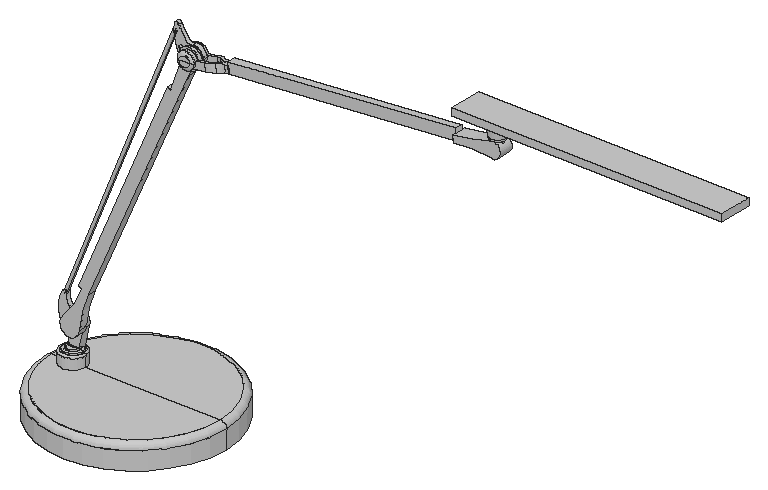
Revit family "Human_Solution-UPLIFT_Desk_MOUNT BASE", category Lighting Fixtures, Revit 2019
Family settings
  Round Connector Dimension = Use Diameter
  Part Type = Normal
  OmniClass Number = 23.40.20.00
  OmniClass Title = General Furniture and Specialties
  Work Plane-Based = No
  Always vertical = Yes
  Cut with Voids When Loaded = No
  Light Source = No
  Shared = No
  Room Calculation Point = No
Parameters (values of type "Desk Base for E7 LED Desk Lamp")
  Voltage = 120 V
  Unit = HMS - Aluminum
  Width = 13 9/16"
  URL = "https://www.thehumansolution.com/"
  Type Comments = "Lighting"  # constant formula
  Salvage or Reuse = yes
  Percentage of Recycled Content = 0
  Model = "LTG001 with LTG002-DESK MOUNT BASE"
  Material = ""
  Manufacturer = "Human Solution"  # constant formula
  Low Emitting Material = yes
  Low Emitting Finish = yes
  Keynote = "12500"
  Height = 20"
  Description = "Desk Base for E7 LED Desk Lamp  13.5\"W 1 11/16\"D 20\"H"
  Depth = 1 11/16"
  Assembly Code = "E2020200"
Reference planes (in)
  plane 1 "Center Front/Back": y = 0
  plane 2: z = 0
  plane 3 "Center Left/Right": x = 0
  plane 4: y = 0.84375
  plane 5: y = -0.84375
  plane 6: x = -6.78125
  plane 7: x = 6.78125
  plane 8: x = 21.1174
  plane 9: z = 26
  plane 10: z = 46
Forms (in)
  Revolve 1, solid, material "HMS - Aluminum" <- "Unit"
    sketch origin (21.24172, 0, 45.90234) x (-1, 0, 0) y (0, 0, -1)
      loop
        line (5.28125, 0.33426) -> (5.28125, 1.33426) -> (5.03125, 1.33426) -> (5.03125, 1.10951) -> (4.88893, 1.10951) -> (4.88004, 1.01276) -> (4.79673, 0.33426) -> (5.28125, 0.33426)
      axis (5.28125, 1.33426) -> (5.28125, 0.33426)
    angle from 0 to 360
  Extrusion 2, solid, material "HMS - Aluminum" <- "Unit"
    sketch origin (21.24172, 0, 45.90234) x (-1, 0, 0) y (0, 0, -1)
      loop
        arc (7.22686, 1.885) -> (6.28554, 1.85243) -> (5.34725, 1.93454) r 7.73328
        arc (5.34725, 1.93454) -> (4.88841, 1.50446) -> (5.41239, 1.15668) r 0.40101
        arc (5.41239, 1.15668) -> (6.32408, 1.39727) -> (7.25731, 1.53199) r 8.22961
        line (7.25731, 1.53199) -> (7.22686, 1.885)
    from -0.34949 to 0.35067
  Extrusion 3, solid, material "HMS - Aluminum" <- "Unit"
    sketch origin (21.24172, 0, 45.90234) x (-1, 0, 0) y (0, 0, -1)
      loop
        line (18.64878, 2.331) -> (18.60074, 2.88009) -> (7.22686, 1.885) -> (7.2749, 1.33592) -> (18.64878, 2.331)
    from -0.19635 to 0.19635
  Extrusion 4, solid, material "HMS - Aluminum" <- "Unit"
    sketch origin (20.5626, 0, 48.7813) x (-0.987688, 0, -0.156434) y (0, 1, 0)
      loop
        line (18.60074, 0.19635) -> (18.60074, -0.19635) -> (18.80994, -0.19635)
        arc (18.80994, -0.19635) -> (18.98349, -0.21887) -> (19.14555, -0.28495) r 0.67995
        arc (19.14555, -0.28495) -> (19.3662, -0.37492) -> (19.60251, -0.40558) r 0.92581
        line (19.60251, -0.40558) -> (20.68427, -0.40558) -> (20.68427, 0.40695) -> (19.58746, 0.40695)
        arc (19.58746, 0.40695) -> (19.34799, 0.37479) -> (19.12548, 0.2806) r 0.90774
        arc (19.12548, 0.2806) -> (18.97713, 0.21779) -> (18.81747, 0.19635) r 0.60521
        line (18.81747, 0.19635) -> (18.60074, 0.19635)
      loop
        line (18.62991, 0.03298) -> (18.62991, -0.03158) -> (18.85912, -0.03158)
        arc (18.85912, -0.03158) -> (19.06895, -0.09516) -> (19.26715, -0.18893) r 1.4858
        arc (19.26715, -0.18893) -> (19.44006, -0.25937) -> (19.62521, -0.28337) r 0.726
        line (19.62521, -0.28337) -> (20.62454, -0.28337) -> (20.62454, 0.25931) -> (19.52911, 0.25931)
        arc (19.52911, 0.25931) -> (19.36451, 0.23144) -> (19.21826, 0.15094) r 0.5
        arc (19.21826, 0.15094) -> (19.05907, 0.06332) -> (18.87991, 0.03298) r 0.54425
        line (18.87991, 0.03298) -> (18.62991, 0.03298)
    from 2.51759 to 2.87507
  Revolve 5, solid, material "HMS - Aluminum" <- "Unit"
    sketch origin (21.24172, 0, 43.02734) x (0, 1, 0) y (-1, 0, 0)
      loop
        line (0.52506, 20.56739) -> (-0.52369, 20.56739) -> (-0.52369, 20.30063)
        arc (-0.52369, 20.30063) -> (-0.49604, 20.2149) -> (-0.43563, 20.1481) r 0.21444
        line (-0.43563, 20.1481) -> (-0.25795, 20.1481) -> (-0.25795, 20.05313) -> (-0.10199, 20.05313) -> (-0.10199, 20.09396) -> (0.03543, 20.09396) -> (0.03543, 20.05893) -> (0.24726, 20.05893) -> (0.24726, 20.12458) -> (0.40695, 20.12458)
        arc (0.40695, 20.12458) -> (0.4834, 20.19674) -> (0.52506, 20.29326) r 0.26022
        line (0.52506, 20.29326) -> (0.52506, 20.56739)
      axis (0.52506, 20.56739) -> (-0.52369, 20.56739)
    angle from 0 to 360
  Extrusion 6, solid, material "HMS - Aluminum" <- "Unit"
    sketch origin (21.24172, 0, 45.90234) x (-1, 0, 0) y (0, 0, -1)
      loop
        line (25.63072, 15.25619) -> (20.63792, 3.67936)
        arc (20.63792, 3.67936) -> (20.40433, 3.33519) -> (20.06017, 3.1016) r 1.10632
        line (20.06017, 3.1016) -> (21.09938, 2.48034)
        arc (21.09938, 2.48034) -> (21.01122, 2.98034) -> (21.09938, 3.48034) r 1.4619
        line (21.09938, 3.48034) -> (21.50225, 4.58721) -> (21.6629, 4.51793) -> (26.13136, 15.04027) -> (25.95609, 15.11586)
        arc (25.95609, 15.11586) -> (26.36642, 15.93556) -> (26.92485, 16.66248) r 4.80805
        arc (26.92485, 16.66248) -> (26.76976, 17.43376) -> (26.08922, 17.03905) r 0.48395
        arc (26.08922, 17.03905) -> (25.9294, 16.12977) -> (25.63072, 15.25619) r 5.94479
    from -0.19635 to 0.19499
  Extrusion 7, solid, material "HMS - Aluminum" <- "Unit"
    sketch origin (21.24172, 0, 45.90234) x (-1, 0, 0) y (0, 0, -1)
      loop
        arc (20.56739, 2.36075) -> (20.97189, 2.05503) -> (21.2211, 1.61347) r 1.24598
        arc (21.2211, 1.61347) -> (21.32031, 1.54556) -> (21.41046, 1.62512) r 0.09784
        arc (21.41046, 1.62512) -> (21.38814, 2.36801) -> (21.05669, 3.03324) r 1.73306
        arc (21.05669, 3.03324) -> (20.98322, 2.57244) -> (20.56739, 2.36075) r 0.51425
    from -0.09843 to 0.09459
  Revolve 8, solid, material "HMS - Aluminum" <- "Unit"
    sketch origin (21.24172, 0, 45.90234) x (-1, 0, 0) y (0, 0, -1)
      loop
        line (21.35982, 1.76775) -> (21.4335, 1.73818) -> (27.01977, 15.65916) -> (26.9461, 15.68873) -> (21.35982, 1.76775)
      axis (21.35982, 1.76775) -> (26.9461, 15.68873)
    angle from 0 to 360
  Extrusion 9, solid, material "HMS - Aluminum" <- "Unit"
    sketch origin (21.24172, 0, 45.90234) x (-1, 0, 0) y (0, 0, -1)
      loop
        arc (26.80194, 15.62579) -> (26.88534, 15.51252) -> (27.01534, 15.56625) r 0.11412
        arc (27.01534, 15.56625) -> (27.22004, 16.30842) -> (27.05024, 17.05934) r 1.58229
        arc (27.05024, 17.05934) -> (26.80399, 16.68793) -> (26.40931, 16.48101) r 0.89636
        arc (26.40931, 16.48101) -> (26.70568, 16.09934) -> (26.80194, 15.62579) r 1.06044
    from -0.09843 to 0.09843
  Extrusion 10, solid, material "HMS - Aluminum" <- "Unit"
    sketch origin (21.24172, 0, 45.90234) x (-1, 0, 0) y (0, 0, -1)
      loop
        line (26.76548, 18.03914) -> (26.33148, 18.03914)
        arc (26.33148, 18.03914) -> (26.23201, 17.54154) -> (26.09371, 17.05331) r 6.44705
        arc (26.09371, 17.05331) -> (26.58588, 16.39849) -> (27.03286, 17.08494) r 0.5
        arc (27.03286, 17.08494) -> (26.87301, 17.55471) -> (26.76548, 18.03914) r 4.53242
    from -0.41339 to -0.05906
  Revolve 11, solid, material "HMS - Aluminum" <- "Unit"
    sketch origin (21.24172, 0, 45.90234) x (-1, 0, 0) y (0, 0, -1)
      loop
        line (26.55989, 18.68187) -> (25.92947, 18.68187) -> (25.92947, 18.16934)
        arc (25.92947, 18.16934) -> (25.95202, 18.11489) -> (26.00648, 18.09233) r 0.07701
        line (26.00648, 18.09233) -> (26.09339, 18.09233) -> (26.09339, 18.04757) -> (26.18954, 18.01257) -> (26.25122, 18.01257) -> (26.25122, 17.9732) -> (26.55989, 17.9732) -> (26.55989, 18.68187)
      axis (26.55989, 17.9732) -> (26.55989, 18.68187)
    angle from 0 to 360
  Revolve 12, solid, material "HMS - Aluminum" <- "Unit"
    sketch origin (21.24172, 0, 45.90234) x (-1, 0, 0) y (0, 0, -1)
      loop
        line (23.41029, 19.90234) -> (18.87904, 19.90234) -> (18.87904, 18.99351)
        arc (18.87904, 18.99351) -> (18.97031, 18.77314) -> (19.19068, 18.68187) r 0.31164
        line (19.19068, 18.68187) -> (23.41029, 18.68187) -> (23.41029, 19.90234)
      axis (23.41029, 18.68187) -> (23.41029, 19.90234)
    angle from 0 to 360
  Extrusion 13, solid, material "HMS - Aluminum" <- "Unit"
    sketch origin (0, 0, 25.96881) x (1, 0, 0) y (0, 1, 0)
      loop
        line (14.30019, 0.84029) -> (14.30019, -0.84029) -> (27.8036, -0.84029) -> (27.8036, 0.84029) -> (14.30019, 0.84029)
    from 19.5433 to 19.90584
Lines and regions (in)
  symbolic lines, detail levels fine
    curve 1: circle (15.98096, 0, 0) r 0.48408 normal (0, 0, 1)
    curve 2: circle (15.98542, 0, 0) r 0.40043 normal (0, 0, 1)
    curve 3: circle (15.96761, 0, 0) r 0.2499 normal (0, 0, 1)
    curve 4: line (15.64601, -0.34949, 0) -> (14.01486, -0.34949, 0)
    curve 5: line (14.01486, -0.34949, 0) -> (14.01486, 0.35067, 0)
    curve 6: line (14.01486, 0.35067, 0) -> (15.64725, 0.35067, 0)
    curve 7: line (14.01486, -0.19635, 0) -> (2.37065, -0.19635, 0)
    curve 8: line (14.01486, 0.19635, 0) -> (2.37065, 0.19635, 0)
    curve 9: circle (-2.16246, 0, 0) r 4.53735 normal (0, 0, -1)
    curve 10: line (14.30019, -0.84029, 0) -> (27.8036, -0.84029, 0)
    curve 11: line (14.30019, 0.84029, 0) -> (14.30019, -0.84029, 0)
    curve 12: line (27.8036, 0.84029, 0) -> (14.30019, 0.84029, 0)
    curve 13: line (27.8036, -0.84029, 0) -> (27.8036, 0.84029, 0)
Dimensions and locks (in)
  equal spacing: plane 4, plane 1 "Center Front/Back", plane 5
  "Depth": plane 4 to plane 5
  equal spacing: plane 6, plane 3 "Center Left/Right", plane 7
  "Width": plane 6 to plane 7
  plane 9 to level = 26"
  "Height": plane 10 to plane 9
  aligned and locked: level to plane 2
Automatic sketch dimensions
  plane 1 "Center Front/Back" to curve 9 = 0"
  plane 1 "Center Front/Back" to curve 3 = 0"
  plane 1 "Center Front/Back" to curve 1 = 0"
  plane 1 "Center Front/Back" to curve 2 = 0"
  curve 9 to plane 3 "Center Left/Right" = 2.16246"
  plane 1 "Center Front/Back" to curve 4 = 0.34949"
  curve 4 to plane 8 = 7.10254"
  plane 5 to curve 11 = 0.00346"
  curve 4 to curve 11 = 0.28533"
  curve 11 to curve 3 = 1.66742"
  curve 3 to curve 1 = 0.01335"
  curve 1 to curve 2 = 0.00445"
  curve 12 to plane 4 = 0.00346"
  plane 8 to curve 12 = 6.6862"
  curve 5 to plane 1 "Center Front/Back" = 0.35067"
  plane 1 "Center Front/Back" to curve 7 = 0.19635"
  plane 3 "Center Left/Right" to curve 7 = 2.37065"
  curve 8 to plane 1 "Center Front/Back" = 0.19635"
  curve 4 to curve 3 = 0.3216"
  Revolve 1 sketch curve to plane 10 = 0.43192"
  Revolve 1 sketch curve to plane 8 = 4.67241"
  Revolve 1 sketch curve to plane 10 = 1.11043"
  Revolve 1 sketch curve to Revolve 1 sketch curve = 0.08331"
  Revolve 1 sketch curve to plane 10 = 1.20718"
  Revolve 1 sketch curve to Revolve 1 sketch curve = 0.00889"
  Revolve 1 sketch curve to Revolve 1 sketch curve = 0.14232"
  Revolve 1 sketch curve to Revolve 1 sketch curve = 1/4"  (x2)
  Revolve 1 sketch curve to Revolve 1 sketch curve = 0.22474"
  Revolve 1 sketch curve to Revolve 1 sketch curve = 0.2816"
  Revolve 1 sketch curve to Revolve 1 sketch curve = 0.30598"
  Extrusion 2 sketch curve to plane 10 = 1.63559"
  Extrusion 2 sketch curve to plane 8 = 5.1637"
  Extrusion 2 sketch curve to plane 8 = 6.36496"
  Extrusion 2 sketch curve to plane 10 = 1.98266"
  Extrusion 2 sketch curve to Extrusion 2 sketch curve = 1.93884"
  Extrusion 2 sketch curve to plane 10 = 1.62965"
  Extrusion 2 sketch curve to Extrusion 2 sketch curve = 0.03045"
  plane 7 to Extrusion 2 sketch curve = 6.49588"
  plane 10 to Extrusion 2 sketch curve = 6.56951"
  Extrusion 2 sketch curve to Extrusion 2 sketch curve = 7.69803"
  Extrusion 2 sketch curve to Extrusion 2 sketch curve = 0"
  Extrusion 3 sketch curve to plane 10 = 1.98266"
  Extrusion 3 sketch curve to plane 8 = 7.10254"
  Extrusion 3 sketch curve to plane 10 = 1 111/256"
  Extrusion 3 sketch curve to Extrusion 3 sketch curve = 0.04804"
  plane 3 "Center Left/Right" to Extrusion 3 sketch curve = 2.64098"
  Extrusion 4 sketch curve to plane 5 = 0.63771"
  Extrusion 4 sketch curve to plane 1 "Center Front/Back" = 0.19635"
  Extrusion 4 sketch curve to Extrusion 4 sketch curve = 17/256"
  plane 1 "Center Front/Back" to Extrusion 4 sketch curve = 0.03158"
  Extrusion 4 sketch curve to Extrusion 4 sketch curve = 0.02917"
  Extrusion 4 sketch curve to plane 5 = 0.03255"
  Extrusion 4 sketch curve to Extrusion 4 sketch curve = 0.27559"
  Extrusion 4 sketch curve to plane 4 = 0.04219"
  Extrusion 4 sketch curve to Extrusion 4 sketch curve = 0.21673"
  Extrusion 4 sketch curve to Extrusion 4 sketch curve = 0.04918"
  Extrusion 4 sketch curve to plane 1 "Center Front/Back" = 0.03298"
  Extrusion 4 sketch curve to Extrusion 4 sketch curve = 0.02079"
  Extrusion 4 sketch curve to plane 1 "Center Front/Back" = 0.25931"
  Extrusion 4 sketch curve to Extrusion 4 sketch curve = 0.6492"
  Extrusion 4 sketch curve to Extrusion 4 sketch curve = 0.05836"
  Extrusion 4 sketch curve to Extrusion 4 sketch curve = 0.01505"
  Extrusion 4 sketch curve to Extrusion 4 sketch curve = 0.0961"
  plane 1 "Center Front/Back" to Extrusion 4 sketch curve = 0.28337"
  Extrusion 4 sketch curve to Extrusion 4 sketch curve = 0.99934"
  Extrusion 4 sketch curve to Extrusion 4 sketch curve = 0.05973"
  Extrusion 4 sketch curve to Extrusion 4 sketch curve = 0.21742"
  Extrusion 4 sketch curve to Extrusion 4 sketch curve = 0.09521"
  Extrusion 4 sketch curve to Extrusion 4 sketch curve = 0.04269"
  Extrusion 4 sketch curve to Extrusion 4 sketch curve = 0.16477"
  Extrusion 4 sketch curve to Extrusion 4 sketch curve = 0.14764"
  Extrusion 4 sketch curve to Extrusion 4 sketch curve = 0.03567"
  Extrusion 4 sketch curve to Extrusion 4 sketch curve = 0.0776"
  Extrusion 4 sketch curve to Extrusion 4 sketch curve = 0.22432"
  plane 5 to Revolve 5 sketch curve = 0.32006"
  Revolve 5 sketch curve to Revolve 5 sketch curve = 0.08806"
  Revolve 5 sketch curve to Revolve 5 sketch curve = 0.21336"
  Revolve 5 sketch curve to Revolve 5 sketch curve = 0.17768"
  plane 1 "Center Front/Back" to Revolve 5 sketch curve = 0.10199"
  Revolve 5 sketch curve to plane 1 "Center Front/Back" = 0.03543"  (x2)
  Revolve 5 sketch curve to Revolve 5 sketch curve = 0.21183"
  Revolve 5 sketch curve to Revolve 5 sketch curve = 0.02297"
  Revolve 5 sketch curve to Revolve 5 sketch curve = 0.15969"
  Revolve 5 sketch curve to Revolve 5 sketch curve = 0.11811"
  plane 3 "Center Left/Right" to Revolve 5 sketch curve = 1.18859"
  Revolve 5 sketch curve to Revolve 5 sketch curve = 0.0058"
  Revolve 5 sketch curve to Revolve 5 sketch curve = 0.04083"
  Revolve 5 sketch curve to Revolve 5 sketch curve = 0.06565"
  Revolve 5 sketch curve to Revolve 5 sketch curve = 0.09496"
  Revolve 5 sketch curve to Revolve 5 sketch curve = 0.16868"
  Revolve 5 sketch curve to Revolve 5 sketch curve = 0.15253"
  Revolve 5 sketch curve to Revolve 5 sketch curve = 0.27413"
  Revolve 5 sketch curve to Revolve 5 sketch curve = 0.0206"
  Revolve 5 sketch curve to Revolve 5 sketch curve = 0.22139"
  plane 3 "Center Left/Right" to Extrusion 6 sketch curve = 1.61968"
  Extrusion 6 sketch curve to Extrusion 6 sketch curve = 0.43812"
  plane 3 "Center Left/Right" to Extrusion 6 sketch curve = 1.06977"
  plane 3 "Center Left/Right" to Extrusion 6 sketch curve = 0.60381"
  plane 3 "Center Left/Right" to Extrusion 6 sketch curve = 0.14234"  (x2)
  Extrusion 6 sketch curve to plane 3 "Center Left/Right" = 0.26053"
  Extrusion 6 sketch curve to Extrusion 6 sketch curve = 0.16065"
  Extrusion 6 sketch curve to plane 3 "Center Left/Right" = 1.2314"
  plane 6 to Extrusion 6 sketch curve = 2.39225"
  Extrusion 6 sketch curve to Extrusion 6 sketch curve = 0.32537"
  Extrusion 6 sketch curve to Extrusion 6 sketch curve = 0.17528"
  plane 6 to Extrusion 6 sketch curve = 1.45204"
  Extrusion 6 sketch curve to plane 6 = 2.41813"
  Extrusion 6 sketch curve to plane 10 = 2.578"
  Extrusion 6 sketch curve to Extrusion 6 sketch curve = 1/2"
  Extrusion 6 sketch curve to Extrusion 6 sketch curve = 0.37874"
  Extrusion 6 sketch curve to Extrusion 6 sketch curve = 0.19902"
  Extrusion 6 sketch curve to Extrusion 6 sketch curve = 1.03759"
  Extrusion 6 sketch curve to Extrusion 6 sketch curve = 0.06928"
  plane 9 to Extrusion 6 sketch curve = 6.51908"
  Extrusion 6 sketch curve to Extrusion 6 sketch curve = 1.65702"
  Extrusion 6 sketch curve to Extrusion 6 sketch curve = 0.07559"
  Extrusion 6 sketch curve to Extrusion 6 sketch curve = 0.14032"
  Extrusion 6 sketch curve to Extrusion 6 sketch curve = 1.73635"
  plane 9 to Extrusion 6 sketch curve = 2.29192"
  Extrusion 6 sketch curve to Extrusion 6 sketch curve = 0"
  plane 3 "Center Left/Right" to Extrusion 7 sketch curve = 1.53441"
  Extrusion 7 sketch curve to Extrusion 7 sketch curve = 0.32679"
  plane 3 "Center Left/Right" to Extrusion 7 sketch curve = 0.67434"
  Extrusion 7 sketch curve to plane 3 "Center Left/Right" = 0.07258"
  Extrusion 7 sketch curve to plane 10 = 1.33232"
  Extrusion 7 sketch curve to Extrusion 7 sketch curve = 0.40856"
  Extrusion 7 sketch curve to Extrusion 7 sketch curve = 0.71108"
  Extrusion 7 sketch curve to Extrusion 7 sketch curve = 0.92927"
  plane 3 "Center Left/Right" to Extrusion 7 sketch curve = 0.18503"
  plane 3 "Center Left/Right" to Extrusion 7 sketch curve = 0.02062"
  Extrusion 7 sketch curve to Extrusion 7 sketch curve = 0"
  Revolve 8 sketch curve to plane 3 "Center Left/Right" = 0.1181"
  Revolve 8 sketch curve to Revolve 8 sketch curve = 0.07368"
  plane 6 to Revolve 8 sketch curve = 1.07688"
  Revolve 8 sketch curve to plane 10 = 1.83585"
  Revolve 8 sketch curve to Revolve 8 sketch curve = 0.02957"
  Revolve 8 sketch curve to plane 3 "Center Left/Right" = 0.2112"
  Revolve 8 sketch curve to Revolve 8 sketch curve = 0.07994"
  Revolve 8 sketch curve to Revolve 8 sketch curve = 0.23202"
  Revolve 8 sketch curve to Revolve 8 sketch curve = 51/256"
  plane 6 to Extrusion 9 sketch curve = 2.38479"
  Extrusion 9 sketch curve to Extrusion 9 sketch curve = 0.10377"
  Extrusion 9 sketch curve to Extrusion 9 sketch curve = 0.56531"
  plane 6 to Extrusion 9 sketch curve = 1.10696"
  plane 9 to Extrusion 9 sketch curve = 4.27989"
  Extrusion 9 sketch curve to Extrusion 9 sketch curve = 0.03444"
  Extrusion 9 sketch curve to Extrusion 9 sketch curve = 0.68851"
  Extrusion 9 sketch curve to Extrusion 9 sketch curve = 1.00802"
  Extrusion 9 sketch curve to Extrusion 9 sketch curve = 0.77113"
  Extrusion 9 sketch curve to Extrusion 9 sketch curve = 0.11407"
  Extrusion 9 sketch curve to Extrusion 9 sketch curve = 0"  (x2)
  plane 3 "Center Left/Right" to Extrusion 10 sketch curve = 1.27705"
  plane 6 to Extrusion 10 sketch curve = 1.6915"
  Extrusion 10 sketch curve to Extrusion 10 sketch curve = 0.23756"
  Extrusion 10 sketch curve to Extrusion 10 sketch curve = 0.434"
  plane 9 to Extrusion 10 sketch curve = 1.12465"
  Extrusion 10 sketch curve to plane 6 = 3.21434"
  plane 9 to Extrusion 10 sketch curve = 1.8632"
  Extrusion 10 sketch curve to Extrusion 10 sketch curve = 1.14093"
  plane 9 to Extrusion 10 sketch curve = 0.84918"
  Extrusion 10 sketch curve to Extrusion 10 sketch curve = 0"
  plane 6 to Revolve 11 sketch curve = 2.09351"
  Revolve 11 sketch curve to Revolve 11 sketch curve = 0.07701"
  Revolve 11 sketch curve to Revolve 11 sketch curve = 0.08691"
  Revolve 11 sketch curve to Revolve 11 sketch curve = 0.09615"
  Revolve 11 sketch curve to Revolve 11 sketch curve = 0.06168"
  Revolve 11 sketch curve to Revolve 11 sketch curve = 0.30867"
  plane 9 to Revolve 11 sketch curve = 1.92914"
  Revolve 11 sketch curve to Revolve 11 sketch curve = 0.03937"
  Revolve 11 sketch curve to Revolve 11 sketch curve = 0.035"
  Revolve 11 sketch curve to Revolve 11 sketch curve = 0.04477"
  Revolve 11 sketch curve to Revolve 11 sketch curve = 0.51252"
  Revolve 11 sketch curve to Revolve 11 sketch curve = 0"
  Revolve 11 sketch curve to Revolve 11 sketch curve = 0.35433"
  Revolve 11 sketch curve to Revolve 11 sketch curve = 0.11984"
  Revolve 12 sketch curve to plane 9 = 0"
  plane 3 "Center Left/Right" to Revolve 12 sketch curve = 2.36269"
  Revolve 12 sketch curve to Revolve 12 sketch curve = 0.31164"
  Revolve 12 sketch curve to plane 3 "Center Left/Right" = 2.16856"
  plane 9 to Revolve 12 sketch curve = 0.90883"
  Revolve 12 sketch curve to Revolve 12 sketch curve = 0"
  plane 9 to Revolve 12 sketch curve = 0.61024"
  Revolve 12 sketch curve to Revolve 12 sketch curve = 0.56439"
  plane 5 to Extrusion 13 sketch curve = 0.00346"
  Extrusion 13 sketch curve to plane 8 = 6.81721"
  plane 8 to Extrusion 13 sketch curve = 6.6862"
  Extrusion 13 sketch curve to plane 4 = 0.00346"
  radius of curve 2 = 0.40043"
  radius of curve 3 = 0.2499"
